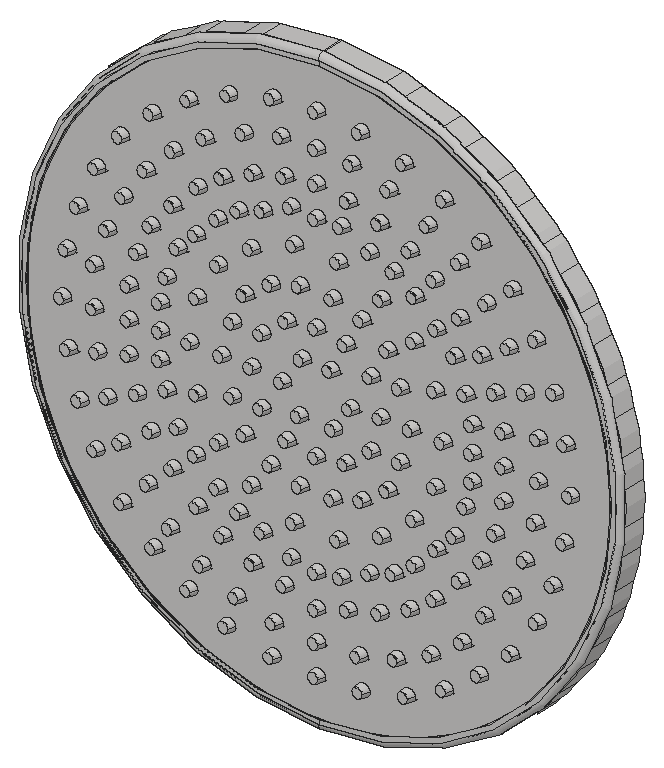
Revit family "52158-25-bim", category Plumbing Fixtures, host Face, Revit 2014
Parameters (values of type "Standard")
  Width = 11 27/32"  # constant formula
  Vent Connection = no
  URL = ""
  Manufacturer = ""
  Faucet Material = Metal - Delta - Stainless-Steel
  Model = "52158-25"  # constant formula
  Height = 11 51/64"  # constant formula
  Description = "Faucet"  # constant formula
  Depth = 2 13/32"  # constant formula
  Default Elevation = 0"
Reference planes (in)
  plane 1 "Center (Front/Back)": y = 0
  plane 2: z = 0
  plane 3 "Center (Left/Right)": x = 0
  plane 4: y = 1.20312
  plane 5: y = -1.20313
  plane 6: z = 11.79687
  plane 7: x = 10.125
  plane 8: x = -5.92187
  plane 9: x = 5.92188
Forms (in)
  Revolve 1, solid, material "Metal - Delta - Stainless-Steel" <- "Faucet Material"
    sketch origin (0, 0, 0) x (0, 1, 0) y (0, 0, 1)
      loop
        line (-0.45086, 11.78051) -> (-0.88294, 11.78051)
        arc (-0.88294, 11.78051) -> (-0.96716, 11.74563) -> (-1.00205, 11.66141) r 0.1191
        line (-1.00205, 11.66141) -> (-1.00205, 11.57038) -> (-0.94299, 11.57038) -> (-0.94299, 11.66546)
        arc (-0.94299, 11.66546) -> (-0.92671, 11.70477) -> (-0.88741, 11.72105) r 0.05558
        line (-0.88741, 11.72105) -> (-0.45086, 11.72105) -> (-0.45086, 11.78051)
      loop
        line (-0.42566, 6.62303) -> (-0.42566, 5.875) -> (0.57614, 5.875) -> (0.57614, 6.03268) -> (1.22709, 6.03268) -> (1.22709, 6.31603)
        arc (1.22709, 6.31603) -> (1.22026, 6.33253) -> (1.20376, 6.33936) r 0.02333
        line (1.20376, 6.33936) -> (0.57338, 6.33936)
        arc (0.57338, 6.33936) -> (0.53452, 6.32327) -> (0.51843, 6.28441) r 0.05495
        line (0.51843, 6.28441) -> (0.51843, 6.21611) -> (0.40877, 6.21611)
        arc (0.40877, 6.21611) -> (0.37524, 6.24811) -> (0.33732, 6.27476) r 0.31046
        line (0.33732, 6.27476) -> (0.33732, 6.59478)
        arc (0.33732, 6.59478) -> (0.32905, 6.61476) -> (0.30908, 6.62303) r 0.02825
        line (0.30908, 6.62303) -> (-0.42566, 6.62303)
      axis (-1.00205, 5.875) -> (1.22709, 5.875)
    angle from 0 to 360
  Extrusion 2, solid, material "Metal - Delta - Stainless-Steel" <- "Faucet Material"
    sketch origin (0, 0, 0) x (1, 0, 0) y (0, 0, 1)
      loop
        circle (0, 5.875) r 5.69538
    from 0.45086 to 1.00205
  Blend 3, solid, material "Metal - Delta - Stainless-Steel" <- "Faucet Material"
    base sketch origin (0, 0, 0) x (1, 0, 0) y (0, 0, 1)
      loop
        circle (-0.85469, 10.74571) r 0.14299
    top sketch origin (0, 0, 0) x (1, 0, 0) y (0, 0, 1)
      loop
        circle (-0.85469, 10.74571) r 0.09774
    from 0.91543 to 1.14378
  Blend 4, solid, material "Metal - Delta - Stainless-Steel" <- "Faucet Material"
    base sketch origin (0.85469, 0, 0.07478) x (1, 0, 0) y (0, 0, 1)
      loop
        circle (-0.85469, 10.74571) r 0.14299
    top sketch origin (0.85469, 0, 0.07478) x (1, 0, 0) y (0, 0, 1)
      loop
        circle (-0.85469, 10.74571) r 0.09774
    from 0.91543 to 1.14378
  Blend 5, solid, material "Metal - Delta - Stainless-Steel" <- "Faucet Material"
    base sketch origin (-0.85206, 0, -0.24096) x (1, 0, 0) y (0, 0, 1)
      loop
        circle (-0.85469, 10.74571) r 0.14299
    top sketch origin (-0.85206, 0, -0.24096) x (1, 0, 0) y (0, 0, 1)
      loop
        circle (-0.85469, 10.74571) r 0.09774
    from 0.91543 to 1.14378
  Blend 6, solid, material "Metal - Delta - Stainless-Steel" <- "Faucet Material"
    base sketch origin (-1.62977, 0, -0.60362) x (1, 0, 0) y (0, 0, 1)
      loop
        circle (-0.85469, 10.74571) r 0.14299
    top sketch origin (-1.62977, 0, -0.60362) x (1, 0, 0) y (0, 0, 1)
      loop
        circle (-0.85469, 10.74571) r 0.09774
    from 0.91543 to 1.14378
  Blend 7, solid, material "Metal - Delta - Stainless-Steel" <- "Faucet Material"
    base sketch origin (-2.34575, 0, -1.08655) x (1, 0, 0) y (0, 0, 1)
      loop
        circle (-0.85469, 10.74571) r 0.14299
    top sketch origin (-2.34575, 0, -1.08655) x (1, 0, 0) y (0, 0, 1)
      loop
        circle (-0.85469, 10.74571) r 0.09774
    from 0.91543 to 1.14378
  Blend 8, solid, material "Metal - Delta - Stainless-Steel" <- "Faucet Material"
    base sketch origin (-2.95972, 0, -1.70052) x (1, 0, 0) y (0, 0, 1)
      loop
        circle (-0.85469, 10.74571) r 0.14299
    top sketch origin (-2.95972, 0, -1.70052) x (1, 0, 0) y (0, 0, 1)
      loop
        circle (-0.85469, 10.74571) r 0.09774
    from 0.91543 to 1.14378
  Blend 9, solid, material "Metal - Delta - Stainless-Steel" <- "Faucet Material"
    base sketch origin (-3.42343, 0, -2.41457) x (1, 0, 0) y (0, 0, 1)
      loop
        circle (-0.85469, 10.74571) r 0.14299
    top sketch origin (-3.42343, 0, -2.41457) x (1, 0, 0) y (0, 0, 1)
      loop
        circle (-0.85469, 10.74571) r 0.09774
    from 0.91543 to 1.14378
  Blend 10, solid, material "Metal - Delta - Stainless-Steel" <- "Faucet Material"
    base sketch origin (-3.77958, 0, -3.2145) x (1, 0, 0) y (0, 0, 1)
      loop
        circle (-0.85469, 10.74571) r 0.14299
    top sketch origin (-3.77958, 0, -3.2145) x (1, 0, 0) y (0, 0, 1)
      loop
        circle (-0.85469, 10.74571) r 0.09774
    from 0.91543 to 1.14378
  Blend 11, solid, material "Metal - Delta - Stainless-Steel" <- "Faucet Material"
    base sketch origin (-3.99912, 0, -4.03383) x (1, 0, 0) y (0, 0, 1)
      loop
        circle (-0.85469, 10.74571) r 0.14299
    top sketch origin (-3.99912, 0, -4.03383) x (1, 0, 0) y (0, 0, 1)
      loop
        circle (-0.85469, 10.74571) r 0.09774
    from 0.91543 to 1.14378
  Blend 12, solid, material "Metal - Delta - Stainless-Steel" <- "Faucet Material"
    base sketch origin (-4.09023, 0, -4.90065) x (1, 0, 0) y (0, 0, 1)
      loop
        circle (-0.85469, 10.74571) r 0.14299
    top sketch origin (-4.09023, 0, -4.90065) x (1, 0, 0) y (0, 0, 1)
      loop
        circle (-0.85469, 10.74571) r 0.09774
    from 0.91543 to 1.14378
  Blend 13, solid, material "Metal - Delta - Stainless-Steel" <- "Faucet Material"
    base sketch origin (-3.96941, 0, -5.76031) x (1, 0, 0) y (0, 0, 1)
      loop
        circle (-0.85469, 10.74571) r 0.14299
    top sketch origin (-3.96941, 0, -5.76031) x (1, 0, 0) y (0, 0, 1)
      loop
        circle (-0.85469, 10.74571) r 0.09774
    from 0.91543 to 1.14378
  Blend 14, solid, material "Metal - Delta - Stainless-Steel" <- "Faucet Material"
    base sketch origin (-3.74884, 0, -6.58349) x (1, 0, 0) y (0, 0, 1)
      loop
        circle (-0.85469, 10.74571) r 0.14299
    top sketch origin (-3.74884, 0, -6.58349) x (1, 0, 0) y (0, 0, 1)
      loop
        circle (-0.85469, 10.74571) r 0.09774
    from 0.91543 to 1.14378
  Blend 15, solid, material "Metal - Delta - Stainless-Steel" <- "Faucet Material"
    base sketch origin (-3.43807, 0, -7.33568) x (1, 0, 0) y (0, 0, 1)
      loop
        circle (-0.85469, 10.74571) r 0.14299
    top sketch origin (-3.43807, 0, -7.33568) x (1, 0, 0) y (0, 0, 1)
      loop
        circle (-0.85469, 10.74571) r 0.09774
    from 0.91543 to 1.14378
  Blend 16, solid, material "Metal - Delta - Stainless-Steel" <- "Faucet Material"
    base sketch origin (-2.91414, 0, -8.07505) x (1, 0, 0) y (0, 0, 1)
      loop
        circle (-0.85469, 10.74571) r 0.14299
    top sketch origin (-2.91414, 0, -8.07505) x (1, 0, 0) y (0, 0, 1)
      loop
        circle (-0.85469, 10.74571) r 0.09774
    from 0.91543 to 1.14378
  Blend 17, solid, material "Metal - Delta - Stainless-Steel" <- "Faucet Material"
    base sketch origin (-2.31124, 0, -8.64722) x (1, 0, 0) y (0, 0, 1)
      loop
        circle (-0.85469, 10.74571) r 0.14299
    top sketch origin (-2.31124, 0, -8.64722) x (1, 0, 0) y (0, 0, 1)
      loop
        circle (-0.85469, 10.74571) r 0.09774
    from 0.91543 to 1.14378
  Blend 18, solid, material "Metal - Delta - Stainless-Steel" <- "Faucet Material"
    base sketch origin (-1.62941, 0, -9.14156) x (1, 0, 0) y (0, 0, 1)
      loop
        circle (-0.85469, 10.74571) r 0.14299
    top sketch origin (-1.62941, 0, -9.14156) x (1, 0, 0) y (0, 0, 1)
      loop
        circle (-0.85469, 10.74571) r 0.09774
    from 0.91543 to 1.14378
  Blend 19, solid, material "Metal - Delta - Stainless-Steel" <- "Faucet Material"
    base sketch origin (-0.89226, 0, -9.51786) x (1, 0, 0) y (0, 0, 1)
      loop
        circle (-0.85469, 10.74571) r 0.14299
    top sketch origin (-0.89226, 0, -9.51786) x (1, 0, 0) y (0, 0, 1)
      loop
        circle (-0.85469, 10.74571) r 0.09774
    from 0.91543 to 1.14378
  Blend 20, solid, material "Metal - Delta - Stainless-Steel" <- "Faucet Material"
    base sketch origin (-0.0119, 0, -9.74166) x (1, 0, 0) y (0, 0, 1)
      loop
        circle (-0.85469, 10.74571) r 0.14299
    top sketch origin (-0.0119, 0, -9.74166) x (1, 0, 0) y (0, 0, 1)
      loop
        circle (-0.85469, 10.74571) r 0.09774
    from 0.91543 to 1.14378
  Blend 21, solid, material "Metal - Delta - Stainless-Steel" <- "Faucet Material"
    base sketch origin (0.85469, 0, -0.58274) x (1, 0, 0) y (0, 0, 1)
      loop
        circle (-0.85469, 10.74571) r 0.14299
    top sketch origin (0.85469, 0, -0.58274) x (1, 0, 0) y (0, 0, 1)
      loop
        circle (-0.85469, 10.74571) r 0.09774
    from 0.91543 to 1.14378
  Blend 22, solid, material "Metal - Delta - Stainless-Steel" <- "Faucet Material"
    base sketch origin (0.85469, 0, -1.19871) x (1, 0, 0) y (0, 0, 1)
      loop
        circle (-0.85469, 10.74571) r 0.14299
    top sketch origin (0.85469, 0, -1.19871) x (1, 0, 0) y (0, 0, 1)
      loop
        circle (-0.85469, 10.74571) r 0.09774
    from 0.91543 to 1.14378
  Blend 23, solid, material "Metal - Delta - Stainless-Steel" <- "Faucet Material"
    base sketch origin (0.85469, 0, -1.80035) x (1, 0, 0) y (0, 0, 1)
      loop
        circle (-0.85469, 10.74571) r 0.14299
    top sketch origin (0.85469, 0, -1.80035) x (1, 0, 0) y (0, 0, 1)
      loop
        circle (-0.85469, 10.74571) r 0.09774
    from 0.91543 to 1.14378
  Blend 24, solid, material "Metal - Delta - Stainless-Steel" <- "Faucet Material"
    base sketch origin (0.16859, 0, -0.61199) x (1, 0, 0) y (0, 0, 1)
      loop
        circle (-0.85469, 10.74571) r 0.14299
    top sketch origin (0.16859, 0, -0.61199) x (1, 0, 0) y (0, 0, 1)
      loop
        circle (-0.85469, 10.74571) r 0.09774
    from 0.91543 to 1.14378
  Blend 25, solid, material "Metal - Delta - Stainless-Steel" <- "Faucet Material"
    base sketch origin (-0.55585, 0, -0.8061) x (1, 0, 0) y (0, 0, 1)
      loop
        circle (-0.85469, 10.74571) r 0.14299
    top sketch origin (-0.55585, 0, -0.8061) x (1, 0, 0) y (0, 0, 1)
      loop
        circle (-0.85469, 10.74571) r 0.09774
    from 0.91543 to 1.14378
  Blend 26, solid, material "Metal - Delta - Stainless-Steel" <- "Faucet Material"
    base sketch origin (-1.31674, 0, -1.16091) x (1, 0, 0) y (0, 0, 1)
      loop
        circle (-0.85469, 10.74571) r 0.14299
    top sketch origin (-1.31674, 0, -1.16091) x (1, 0, 0) y (0, 0, 1)
      loop
        circle (-0.85469, 10.74571) r 0.09774
    from 0.91543 to 1.14378
  Blend 27, solid, material "Metal - Delta - Stainless-Steel" <- "Faucet Material"
    base sketch origin (-1.93111, 0, -1.59109) x (1, 0, 0) y (0, 0, 1)
      loop
        circle (-0.85469, 10.74571) r 0.14299
    top sketch origin (-1.93111, 0, -1.59109) x (1, 0, 0) y (0, 0, 1)
      loop
        circle (-0.85469, 10.74571) r 0.09774
    from 0.91543 to 1.14378
  Blend 28, solid, material "Metal - Delta - Stainless-Steel" <- "Faucet Material"
    base sketch origin (-2.46144, 0, -2.12142) x (1, 0, 0) y (0, 0, 1)
      loop
        circle (-0.85469, 10.74571) r 0.14299
    top sketch origin (-2.46144, 0, -2.12142) x (1, 0, 0) y (0, 0, 1)
      loop
        circle (-0.85469, 10.74571) r 0.09774
    from 0.91543 to 1.14378
  Blend 29, solid, material "Metal - Delta - Stainless-Steel" <- "Faucet Material"
    base sketch origin (-2.89162, 0, -2.73579) x (1, 0, 0) y (0, 0, 1)
      loop
        circle (-0.85469, 10.74571) r 0.14299
    top sketch origin (-2.89162, 0, -2.73579) x (1, 0, 0) y (0, 0, 1)
      loop
        circle (-0.85469, 10.74571) r 0.09774
    from 0.91543 to 1.14378
  Blend 30, solid, material "Metal - Delta - Stainless-Steel" <- "Faucet Material"
    base sketch origin (-3.20858, 0, -3.41552) x (1, 0, 0) y (0, 0, 1)
      loop
        circle (-0.85469, 10.74571) r 0.14299
    top sketch origin (-3.20858, 0, -3.41552) x (1, 0, 0) y (0, 0, 1)
      loop
        circle (-0.85469, 10.74571) r 0.09774
    from 0.91543 to 1.14378
  Blend 31, solid, material "Metal - Delta - Stainless-Steel" <- "Faucet Material"
    base sketch origin (-3.4651, 0, -4.12029) x (1, 0, 0) y (0, 0, 1)
      loop
        circle (-0.85469, 10.74571) r 0.14299
    top sketch origin (-3.4651, 0, -4.12029) x (1, 0, 0) y (0, 0, 1)
      loop
        circle (-0.85469, 10.74571) r 0.09774
    from 0.91543 to 1.14378
  Blend 32, solid, material "Metal - Delta - Stainless-Steel" <- "Faucet Material"
    base sketch origin (-3.4651, 0, -4.87029) x (1, 0, 0) y (0, 0, 1)
      loop
        circle (-0.85469, 10.74571) r 0.14299
    top sketch origin (-3.4651, 0, -4.87029) x (1, 0, 0) y (0, 0, 1)
      loop
        circle (-0.85469, 10.74571) r 0.09774
    from 0.91543 to 1.14378
  Blend 33, solid, material "Metal - Delta - Stainless-Steel" <- "Faucet Material"
    base sketch origin (-3.39973, 0, -5.61743) x (1, 0, 0) y (0, 0, 1)
      loop
        circle (-0.85469, 10.74571) r 0.14299
    top sketch origin (-3.39973, 0, -5.61743) x (1, 0, 0) y (0, 0, 1)
      loop
        circle (-0.85469, 10.74571) r 0.09774
    from 0.91543 to 1.14378
  Blend 34, solid, material "Metal - Delta - Stainless-Steel" <- "Faucet Material"
    base sketch origin (-3.20562, 0, -6.34188) x (1, 0, 0) y (0, 0, 1)
      loop
        circle (-0.85469, 10.74571) r 0.14299
    top sketch origin (-3.20562, 0, -6.34188) x (1, 0, 0) y (0, 0, 1)
      loop
        circle (-0.85469, 10.74571) r 0.09774
    from 0.91543 to 1.14378
  Blend 35, solid, material "Metal - Delta - Stainless-Steel" <- "Faucet Material"
    base sketch origin (-2.9491, 0, -7.04665) x (1, 0, 0) y (0, 0, 1)
      loop
        circle (-0.85469, 10.74571) r 0.14299
    top sketch origin (-2.9491, 0, -7.04665) x (1, 0, 0) y (0, 0, 1)
      loop
        circle (-0.85469, 10.74571) r 0.09774
    from 0.91543 to 1.14378
  Blend 36, solid, material "Metal - Delta - Stainless-Steel" <- "Faucet Material"
    base sketch origin (-2.41877, 0, -7.57698) x (1, 0, 0) y (0, 0, 1)
      loop
        circle (-0.85469, 10.74571) r 0.14299
    top sketch origin (-2.41877, 0, -7.57698) x (1, 0, 0) y (0, 0, 1)
      loop
        circle (-0.85469, 10.74571) r 0.09774
    from 0.91543 to 1.14378
  Blend 37, solid, material "Metal - Delta - Stainless-Steel" <- "Faucet Material"
    base sketch origin (-1.98859, 0, -8.19134) x (1, 0, 0) y (0, 0, 1)
      loop
        circle (-0.85469, 10.74571) r 0.14299
    top sketch origin (-1.98859, 0, -8.19134) x (1, 0, 0) y (0, 0, 1)
      loop
        circle (-0.85469, 10.74571) r 0.09774
    from 0.91543 to 1.14378
  Blend 38, solid, material "Metal - Delta - Stainless-Steel" <- "Faucet Material"
    base sketch origin (-1.37422, 0, -8.62152) x (1, 0, 0) y (0, 0, 1)
      loop
        circle (-0.85469, 10.74571) r 0.14299
    top sketch origin (-1.37422, 0, -8.62152) x (1, 0, 0) y (0, 0, 1)
      loop
        circle (-0.85469, 10.74571) r 0.09774
    from 0.91543 to 1.14378
  Blend 39, solid, material "Metal - Delta - Stainless-Steel" <- "Faucet Material"
    base sketch origin (-0.69449, 0, -8.93849) x (1, 0, 0) y (0, 0, 1)
      loop
        circle (-0.85469, 10.74571) r 0.14299
    top sketch origin (-0.69449, 0, -8.93849) x (1, 0, 0) y (0, 0, 1)
      loop
        circle (-0.85469, 10.74571) r 0.09774
    from 0.91543 to 1.14378
  Blend 40, solid, material "Metal - Delta - Stainless-Steel" <- "Faucet Material"
    base sketch origin (0.02995, 0, -9.1326) x (1, 0, 0) y (0, 0, 1)
      loop
        circle (-0.85469, 10.74571) r 0.14299
    top sketch origin (0.02995, 0, -9.1326) x (1, 0, 0) y (0, 0, 1)
      loop
        circle (-0.85469, 10.74571) r 0.09774
    from 0.91543 to 1.14378
  Blend 41, solid, material "Metal - Delta - Stainless-Steel" <- "Faucet Material"
    base sketch origin (0.23757, 0, -1.28434) x (1, 0, 0) y (0, 0, 1)
      loop
        circle (-0.85469, 10.74571) r 0.14299
    top sketch origin (0.23757, 0, -1.28434) x (1, 0, 0) y (0, 0, 1)
      loop
        circle (-0.85469, 10.74571) r 0.09774
    from 0.91543 to 1.14378
  Blend 42, solid, material "Metal - Delta - Stainless-Steel" <- "Faucet Material"
    base sketch origin (-0.3801, 0, -1.44984) x (1, 0, 0) y (0, 0, 1)
      loop
        circle (-0.85469, 10.74571) r 0.14299
    top sketch origin (-0.3801, 0, -1.44984) x (1, 0, 0) y (0, 0, 1)
      loop
        circle (-0.85469, 10.74571) r 0.09774
    from 0.91543 to 1.14378
  Blend 43, solid, material "Metal - Delta - Stainless-Steel" <- "Faucet Material"
    base sketch origin (-0.96558, 0, -1.72286) x (1, 0, 0) y (0, 0, 1)
      loop
        circle (-0.85469, 10.74571) r 0.14299
    top sketch origin (-0.96558, 0, -1.72286) x (1, 0, 0) y (0, 0, 1)
      loop
        circle (-0.85469, 10.74571) r 0.09774
    from 0.91543 to 1.14378
  Blend 44, solid, material "Metal - Delta - Stainless-Steel" <- "Faucet Material"
    base sketch origin (-1.45082, 0, -2.06262) x (1, 0, 0) y (0, 0, 1)
      loop
        circle (-0.85469, 10.74571) r 0.14299
    top sketch origin (-1.45082, 0, -2.06262) x (1, 0, 0) y (0, 0, 1)
      loop
        circle (-0.85469, 10.74571) r 0.09774
    from 0.91543 to 1.14378
  Blend 45, solid, material "Metal - Delta - Stainless-Steel" <- "Faucet Material"
    base sketch origin (-1.94112, 0, -2.55292) x (1, 0, 0) y (0, 0, 1)
      loop
        circle (-0.85469, 10.74571) r 0.14299
    top sketch origin (-1.94112, 0, -2.55292) x (1, 0, 0) y (0, 0, 1)
      loop
        circle (-0.85469, 10.74571) r 0.09774
    from 0.91543 to 1.14378
  Blend 46, solid, material "Metal - Delta - Stainless-Steel" <- "Faucet Material"
    base sketch origin (-2.36377, 0, -3.05662) x (1, 0, 0) y (0, 0, 1)
      loop
        circle (-0.85469, 10.74571) r 0.14299
    top sketch origin (-2.36377, 0, -3.05662) x (1, 0, 0) y (0, 0, 1)
      loop
        circle (-0.85469, 10.74571) r 0.09774
    from 0.91543 to 1.14378
  Blend 47, solid, material "Metal - Delta - Stainless-Steel" <- "Faucet Material"
    base sketch origin (-2.62563, 0, -3.61817) x (1, 0, 0) y (0, 0, 1)
      loop
        circle (-0.85469, 10.74571) r 0.14299
    top sketch origin (-2.62563, 0, -3.61817) x (1, 0, 0) y (0, 0, 1)
      loop
        circle (-0.85469, 10.74571) r 0.09774
    from 0.91543 to 1.14378
  Blend 48, solid, material "Metal - Delta - Stainless-Steel" <- "Faucet Material"
    base sketch origin (-2.79208, 0, -4.23938) x (1, 0, 0) y (0, 0, 1)
      loop
        circle (-0.85469, 10.74571) r 0.14299
    top sketch origin (-2.79208, 0, -4.23938) x (1, 0, 0) y (0, 0, 1)
      loop
        circle (-0.85469, 10.74571) r 0.09774
    from 0.91543 to 1.14378
  Blend 49, solid, material "Metal - Delta - Stainless-Steel" <- "Faucet Material"
    base sketch origin (-2.79208, 0, -4.84676) x (1, 0, 0) y (0, 0, 1)
      loop
        circle (-0.85469, 10.74571) r 0.14299
    top sketch origin (-2.79208, 0, -4.84676) x (1, 0, 0) y (0, 0, 1)
      loop
        circle (-0.85469, 10.74571) r 0.09774
    from 0.91543 to 1.14378
  Blend 50, solid, material "Metal - Delta - Stainless-Steel" <- "Faucet Material"
    base sketch origin (0.23757, 0, 13.08223) x (1, 0, 0) y (0, 0, 1)
      loop
        circle (-0.85469, -10.74571) r 0.14299
    top sketch origin (0.23757, 0, 13.08223) x (1, 0, 0) y (0, 0, 1)
      loop
        circle (-0.85469, -10.74571) r 0.09774
    from 0.91543 to 1.14378
  Blend 51, solid, material "Metal - Delta - Stainless-Steel" <- "Faucet Material"
    base sketch origin (-0.3801, 0, 13.24774) x (1, 0, 0) y (0, 0, 1)
      loop
        circle (-0.85469, -10.74571) r 0.14299
    top sketch origin (-0.3801, 0, 13.24774) x (1, 0, 0) y (0, 0, 1)
      loop
        circle (-0.85469, -10.74571) r 0.09774
    from 0.91543 to 1.14378
  Blend 52, solid, material "Metal - Delta - Stainless-Steel" <- "Faucet Material"
    base sketch origin (-0.96558, 0, 13.52075) x (1, 0, 0) y (0, 0, 1)
      loop
        circle (-0.85469, -10.74571) r 0.14299
    top sketch origin (-0.96558, 0, 13.52075) x (1, 0, 0) y (0, 0, 1)
      loop
        circle (-0.85469, -10.74571) r 0.09774
    from 0.91543 to 1.14378
  Blend 53, solid, material "Metal - Delta - Stainless-Steel" <- "Faucet Material"
    base sketch origin (-1.45082, 0, 13.86052) x (1, 0, 0) y (0, 0, 1)
      loop
        circle (-0.85469, -10.74571) r 0.14299
    top sketch origin (-1.45082, 0, 13.86052) x (1, 0, 0) y (0, 0, 1)
      loop
        circle (-0.85469, -10.74571) r 0.09774
    from 0.91543 to 1.14378
  Blend 54, solid, material "Metal - Delta - Stainless-Steel" <- "Faucet Material"
    base sketch origin (-1.94112, 0, 14.35082) x (1, 0, 0) y (0, 0, 1)
      loop
        circle (-0.85469, -10.74571) r 0.14299
    top sketch origin (-1.94112, 0, 14.35082) x (1, 0, 0) y (0, 0, 1)
      loop
        circle (-0.85469, -10.74571) r 0.09774
    from 0.91543 to 1.14378
  Blend 55, solid, material "Metal - Delta - Stainless-Steel" <- "Faucet Material"
    base sketch origin (-2.36377, 0, 14.85452) x (1, 0, 0) y (0, 0, 1)
      loop
        circle (-0.85469, -10.74571) r 0.14299
    top sketch origin (-2.36377, 0, 14.85452) x (1, 0, 0) y (0, 0, 1)
      loop
        circle (-0.85469, -10.74571) r 0.09774
    from 0.91543 to 1.14378
  Blend 56, solid, material "Metal - Delta - Stainless-Steel" <- "Faucet Material"
    base sketch origin (-2.62563, 0, 15.41607) x (1, 0, 0) y (0, 0, 1)
      loop
        circle (-0.85469, -10.74571) r 0.14299
    top sketch origin (-2.62563, 0, 15.41607) x (1, 0, 0) y (0, 0, 1)
      loop
        circle (-0.85469, -10.74571) r 0.09774
    from 0.91543 to 1.14378
  Blend 57, solid, material "Metal - Delta - Stainless-Steel" <- "Faucet Material"
    base sketch origin (-2.79208, 0, 16.03727) x (1, 0, 0) y (0, 0, 1)
      loop
        circle (-0.85469, -10.74571) r 0.14299
    top sketch origin (-2.79208, 0, 16.03727) x (1, 0, 0) y (0, 0, 1)
      loop
        circle (-0.85469, -10.74571) r 0.09774
    from 0.91543 to 1.14378
  Blend 58, solid, material "Metal - Delta - Stainless-Steel" <- "Faucet Material"
    base sketch origin (0.36698, 0, -1.7673) x (1, 0, 0) y (0, 0, 1)
      loop
        circle (-0.85469, 10.74571) r 0.14299
    top sketch origin (0.36698, 0, -1.7673) x (1, 0, 0) y (0, 0, 1)
      loop
        circle (-0.85469, 10.74571) r 0.09774
    from 0.91543 to 1.14378
  Blend 59, solid, material "Metal - Delta - Stainless-Steel" <- "Faucet Material"
    base sketch origin (-0.18414, 0, -2.02429) x (1, 0, 0) y (0, 0, 1)
      loop
        circle (-0.85469, 10.74571) r 0.14299
    top sketch origin (-0.18414, 0, -2.02429) x (1, 0, 0) y (0, 0, 1)
      loop
        circle (-0.85469, 10.74571) r 0.09774
    from 0.91543 to 1.14378
  Blend 60, solid, material "Metal - Delta - Stainless-Steel" <- "Faucet Material"
    base sketch origin (-0.65399, 0, -2.1953) x (1, 0, 0) y (0, 0, 1)
      loop
        circle (-0.85469, 10.74571) r 0.14299
    top sketch origin (-0.65399, 0, -2.1953) x (1, 0, 0) y (0, 0, 1)
      loop
        circle (-0.85469, 10.74571) r 0.09774
    from 0.91543 to 1.14378
  Blend 61, solid, material "Metal - Delta - Stainless-Steel" <- "Faucet Material"
    base sketch origin (-1.06356, 0, -2.48209) x (1, 0, 0) y (0, 0, 1)
      loop
        circle (-0.85469, 10.74571) r 0.14299
    top sketch origin (-1.06356, 0, -2.48209) x (1, 0, 0) y (0, 0, 1)
      loop
        circle (-0.85469, 10.74571) r 0.09774
    from 0.91543 to 1.14378
  Blend 62, solid, material "Metal - Delta - Stainless-Steel" <- "Faucet Material"
    base sketch origin (-1.48565, 0, -2.90418) x (1, 0, 0) y (0, 0, 1)
      loop
        circle (-0.85469, 10.74571) r 0.14299
    top sketch origin (-1.48565, 0, -2.90418) x (1, 0, 0) y (0, 0, 1)
      loop
        circle (-0.85469, 10.74571) r 0.09774
    from 0.91543 to 1.14378
  Blend 63, solid, material "Metal - Delta - Stainless-Steel" <- "Faucet Material"
    base sketch origin (-1.83921, 0, -3.25773) x (1, 0, 0) y (0, 0, 1)
      loop
        circle (-0.85469, 10.74571) r 0.14299
    top sketch origin (-1.83921, 0, -3.25773) x (1, 0, 0) y (0, 0, 1)
      loop
        circle (-0.85469, 10.74571) r 0.09774
    from 0.91543 to 1.14378
  Blend 64, solid, material "Metal - Delta - Stainless-Steel" <- "Faucet Material"
    base sketch origin (-2.05192, 0, -3.84217) x (1, 0, 0) y (0, 0, 1)
      loop
        circle (-0.85469, 10.74571) r 0.14299
    top sketch origin (-2.05192, 0, -3.84217) x (1, 0, 0) y (0, 0, 1)
      loop
        circle (-0.85469, 10.74571) r 0.09774
    from 0.91543 to 1.14378
  Blend 65, solid, material "Metal - Delta - Stainless-Steel" <- "Faucet Material"
    base sketch origin (-2.18133, 0, -4.32513) x (1, 0, 0) y (0, 0, 1)
      loop
        circle (-0.85469, 10.74571) r 0.14299
    top sketch origin (-2.18133, 0, -4.32513) x (1, 0, 0) y (0, 0, 1)
      loop
        circle (-0.85469, 10.74571) r 0.09774
    from 0.91543 to 1.14378
  Blend 66, solid, material "Metal - Delta - Stainless-Steel" <- "Faucet Material"
    base sketch origin (-2.18133, 0, -4.82513) x (1, 0, 0) y (0, 0, 1)
      loop
        circle (-0.85469, 10.74571) r 0.14299
    top sketch origin (-2.18133, 0, -4.82513) x (1, 0, 0) y (0, 0, 1)
      loop
        circle (-0.85469, 10.74571) r 0.09774
    from 0.91543 to 1.14378
  Blend 67, solid, material "Metal - Delta - Stainless-Steel" <- "Faucet Material"
    base sketch origin (0.36698, 0, 13.60846) x (1, 0, 0) y (0, 0, 1)
      loop
        circle (-0.85469, -10.74571) r 0.14299
    top sketch origin (0.36698, 0, 13.60846) x (1, 0, 0) y (0, 0, 1)
      loop
        circle (-0.85469, -10.74571) r 0.09774
    from 0.91543 to 1.14378
  Blend 68, solid, material "Metal - Delta - Stainless-Steel" <- "Faucet Material"
    base sketch origin (-0.18414, 0, 13.86545) x (1, 0, 0) y (0, 0, 1)
      loop
        circle (-0.85469, -10.74571) r 0.14299
    top sketch origin (-0.18414, 0, 13.86545) x (1, 0, 0) y (0, 0, 1)
      loop
        circle (-0.85469, -10.74571) r 0.09774
    from 0.91543 to 1.14378
  Blend 69, solid, material "Metal - Delta - Stainless-Steel" <- "Faucet Material"
    base sketch origin (-0.65399, 0, 14.03646) x (1, 0, 0) y (0, 0, 1)
      loop
        circle (-0.85469, -10.74571) r 0.14299
    top sketch origin (-0.65399, 0, 14.03646) x (1, 0, 0) y (0, 0, 1)
      loop
        circle (-0.85469, -10.74571) r 0.09774
    from 0.91543 to 1.14378
  Blend 70, solid, material "Metal - Delta - Stainless-Steel" <- "Faucet Material"
    base sketch origin (-1.06356, 0, 14.32325) x (1, 0, 0) y (0, 0, 1)
      loop
        circle (-0.85469, -10.74571) r 0.14299
    top sketch origin (-1.06356, 0, 14.32325) x (1, 0, 0) y (0, 0, 1)
      loop
        circle (-0.85469, -10.74571) r 0.09774
    from 0.91543 to 1.14378
  Blend 71, solid, material "Metal - Delta - Stainless-Steel" <- "Faucet Material"
    base sketch origin (-1.48565, 0, 14.74534) x (1, 0, 0) y (0, 0, 1)
      loop
        circle (-0.85469, -10.74571) r 0.14299
    top sketch origin (-1.48565, 0, 14.74534) x (1, 0, 0) y (0, 0, 1)
      loop
        circle (-0.85469, -10.74571) r 0.09774
    from 0.91543 to 1.14378
  Blend 72, solid, material "Metal - Delta - Stainless-Steel" <- "Faucet Material"
    base sketch origin (-1.83921, 0, 15.09889) x (1, 0, 0) y (0, 0, 1)
      loop
        circle (-0.85469, -10.74571) r 0.14299
    top sketch origin (-1.83921, 0, 15.09889) x (1, 0, 0) y (0, 0, 1)
      loop
        circle (-0.85469, -10.74571) r 0.09774
    from 0.91543 to 1.14378
  Blend 73, solid, material "Metal - Delta - Stainless-Steel" <- "Faucet Material"
    base sketch origin (-2.05192, 0, 15.68332) x (1, 0, 0) y (0, 0, 1)
      loop
        circle (-0.85469, -10.74571) r 0.14299
    top sketch origin (-2.05192, 0, 15.68332) x (1, 0, 0) y (0, 0, 1)
      loop
        circle (-0.85469, -10.74571) r 0.09774
    from 0.91543 to 1.14378
  Blend 74, solid, material "Metal - Delta - Stainless-Steel" <- "Faucet Material"
    base sketch origin (-2.18133, 0, 16.16629) x (1, 0, 0) y (0, 0, 1)
      loop
        circle (-0.85469, -10.74571) r 0.14299
    top sketch origin (-2.18133, 0, 16.16629) x (1, 0, 0) y (0, 0, 1)
      loop
        circle (-0.85469, -10.74571) r 0.09774
    from 0.91543 to 1.14378
  Blend 75, solid, material "Metal - Delta - Stainless-Steel" <- "Faucet Material"
    base sketch origin (0, 0, 0) x (-1, 0, 0) y (0, 0, -1)
      loop
        circle (-0.85469, -10.74571) r 0.14299
    top sketch origin (0, 0, 0) x (-1, 0, 0) y (0, 0, -1)
      loop
        circle (-0.85469, -10.74571) r 0.09774
    from 0.91543 to 1.14378
  Blend 76, solid, material "Metal - Delta - Stainless-Steel" <- "Faucet Material"
    base sketch origin (0.85206, 0, -0.24096) x (-1, 0, 0) y (0, 0, -1)
      loop
        circle (-0.85469, -10.74571) r 0.14299
    top sketch origin (0.85206, 0, -0.24096) x (-1, 0, 0) y (0, 0, -1)
      loop
        circle (-0.85469, -10.74571) r 0.09774
    from 0.91543 to 1.14378
  Blend 77, solid, material "Metal - Delta - Stainless-Steel" <- "Faucet Material"
    base sketch origin (1.62977, 0, -0.60362) x (-1, 0, 0) y (0, 0, -1)
      loop
        circle (-0.85469, -10.74571) r 0.14299
    top sketch origin (1.62977, 0, -0.60362) x (-1, 0, 0) y (0, 0, -1)
      loop
        circle (-0.85469, -10.74571) r 0.09774
    from 0.91543 to 1.14378
  Blend 78, solid, material "Metal - Delta - Stainless-Steel" <- "Faucet Material"
    base sketch origin (2.34575, 0, -1.08655) x (-1, 0, 0) y (0, 0, -1)
      loop
        circle (-0.85469, -10.74571) r 0.14299
    top sketch origin (2.34575, 0, -1.08655) x (-1, 0, 0) y (0, 0, -1)
      loop
        circle (-0.85469, -10.74571) r 0.09774
    from 0.91543 to 1.14378
  Blend 79, solid, material "Metal - Delta - Stainless-Steel" <- "Faucet Material"
    base sketch origin (2.95972, 0, -1.70052) x (-1, 0, 0) y (0, 0, -1)
      loop
        circle (-0.85469, -10.74571) r 0.14299
    top sketch origin (2.95972, 0, -1.70052) x (-1, 0, 0) y (0, 0, -1)
      loop
        circle (-0.85469, -10.74571) r 0.09774
    from 0.91543 to 1.14378
  Blend 80, solid, material "Metal - Delta - Stainless-Steel" <- "Faucet Material"
    base sketch origin (3.42343, 0, -2.41457) x (-1, 0, 0) y (0, 0, -1)
      loop
        circle (-0.85469, -10.74571) r 0.14299
    top sketch origin (3.42343, 0, -2.41457) x (-1, 0, 0) y (0, 0, -1)
      loop
        circle (-0.85469, -10.74571) r 0.09774
    from 0.91543 to 1.14378
  Blend 81, solid, material "Metal - Delta - Stainless-Steel" <- "Faucet Material"
    base sketch origin (3.77958, 0, -3.2145) x (-1, 0, 0) y (0, 0, -1)
      loop
        circle (-0.85469, -10.74571) r 0.14299
    top sketch origin (3.77958, 0, -3.2145) x (-1, 0, 0) y (0, 0, -1)
      loop
        circle (-0.85469, -10.74571) r 0.09774
    from 0.91543 to 1.14378
  Blend 82, solid, material "Metal - Delta - Stainless-Steel" <- "Faucet Material"
    base sketch origin (3.99912, 0, -4.03383) x (-1, 0, 0) y (0, 0, -1)
      loop
        circle (-0.85469, -10.74571) r 0.14299
    top sketch origin (3.99912, 0, -4.03383) x (-1, 0, 0) y (0, 0, -1)
      loop
        circle (-0.85469, -10.74571) r 0.09774
    from 0.91543 to 1.14378
  Blend 83, solid, material "Metal - Delta - Stainless-Steel" <- "Faucet Material"
    base sketch origin (4.09023, 0, -4.90065) x (-1, 0, 0) y (0, 0, -1)
      loop
        circle (-0.85469, -10.74571) r 0.14299
    top sketch origin (4.09023, 0, -4.90065) x (-1, 0, 0) y (0, 0, -1)
      loop
        circle (-0.85469, -10.74571) r 0.09774
    from 0.91543 to 1.14378
  Blend 84, solid, material "Metal - Delta - Stainless-Steel" <- "Faucet Material"
    base sketch origin (3.96941, 0, -5.76031) x (-1, 0, 0) y (0, 0, -1)
      loop
        circle (-0.85469, -10.74571) r 0.14299
    top sketch origin (3.96941, 0, -5.76031) x (-1, 0, 0) y (0, 0, -1)
      loop
        circle (-0.85469, -10.74571) r 0.09774
    from 0.91543 to 1.14378
  Blend 85, solid, material "Metal - Delta - Stainless-Steel" <- "Faucet Material"
    base sketch origin (3.74884, 0, -6.58349) x (-1, 0, 0) y (0, 0, -1)
      loop
        circle (-0.85469, -10.74571) r 0.14299
    top sketch origin (3.74884, 0, -6.58349) x (-1, 0, 0) y (0, 0, -1)
      loop
        circle (-0.85469, -10.74571) r 0.09774
    from 0.91543 to 1.14378
  Blend 86, solid, material "Metal - Delta - Stainless-Steel" <- "Faucet Material"
    base sketch origin (3.43807, 0, -7.33568) x (-1, 0, 0) y (0, 0, -1)
      loop
        circle (-0.85469, -10.74571) r 0.14299
    top sketch origin (3.43807, 0, -7.33568) x (-1, 0, 0) y (0, 0, -1)
      loop
        circle (-0.85469, -10.74571) r 0.09774
    from 0.91543 to 1.14378
  Blend 87, solid, material "Metal - Delta - Stainless-Steel" <- "Faucet Material"
    base sketch origin (2.91414, 0, -8.07505) x (-1, 0, 0) y (0, 0, -1)
      loop
        circle (-0.85469, -10.74571) r 0.14299
    top sketch origin (2.91414, 0, -8.07505) x (-1, 0, 0) y (0, 0, -1)
      loop
        circle (-0.85469, -10.74571) r 0.09774
    from 0.91543 to 1.14378
  Blend 88, solid, material "Metal - Delta - Stainless-Steel" <- "Faucet Material"
    base sketch origin (2.31124, 0, -8.64722) x (-1, 0, 0) y (0, 0, -1)
      loop
        circle (-0.85469, -10.74571) r 0.14299
    top sketch origin (2.31124, 0, -8.64722) x (-1, 0, 0) y (0, 0, -1)
      loop
        circle (-0.85469, -10.74571) r 0.09774
    from 0.91543 to 1.14378
  Blend 89, solid, material "Metal - Delta - Stainless-Steel" <- "Faucet Material"
    base sketch origin (1.62941, 0, -9.14156) x (-1, 0, 0) y (0, 0, -1)
      loop
        circle (-0.85469, -10.74571) r 0.14299
    top sketch origin (1.62941, 0, -9.14156) x (-1, 0, 0) y (0, 0, -1)
      loop
        circle (-0.85469, -10.74571) r 0.09774
    from 0.91543 to 1.14378
  Blend 90, solid, material "Metal - Delta - Stainless-Steel" <- "Faucet Material"
    base sketch origin (0.89226, 0, -9.51786) x (-1, 0, 0) y (0, 0, -1)
      loop
        circle (-0.85469, -10.74571) r 0.14299
    top sketch origin (0.89226, 0, -9.51786) x (-1, 0, 0) y (0, 0, -1)
      loop
        circle (-0.85469, -10.74571) r 0.09774
    from 0.91543 to 1.14378
  Blend 91, solid, material "Metal - Delta - Stainless-Steel" <- "Faucet Material"
    base sketch origin (0.0119, 0, -9.74166) x (-1, 0, 0) y (0, 0, -1)
      loop
        circle (-0.85469, -10.74571) r 0.14299
    top sketch origin (0.0119, 0, -9.74166) x (-1, 0, 0) y (0, 0, -1)
      loop
        circle (-0.85469, -10.74571) r 0.09774
    from 0.91543 to 1.14378
  Blend 92, solid, material "Metal - Delta - Stainless-Steel" <- "Faucet Material"
    base sketch origin (-0.16859, 0, -0.61199) x (-1, 0, 0) y (0, 0, -1)
      loop
        circle (-0.85469, -10.74571) r 0.14299
    top sketch origin (-0.16859, 0, -0.61199) x (-1, 0, 0) y (0, 0, -1)
      loop
        circle (-0.85469, -10.74571) r 0.09774
    from 0.91543 to 1.14378
  Blend 93, solid, material "Metal - Delta - Stainless-Steel" <- "Faucet Material"
    base sketch origin (0.55585, 0, -0.8061) x (-1, 0, 0) y (0, 0, -1)
      loop
        circle (-0.85469, -10.74571) r 0.14299
    top sketch origin (0.55585, 0, -0.8061) x (-1, 0, 0) y (0, 0, -1)
      loop
        circle (-0.85469, -10.74571) r 0.09774
    from 0.91543 to 1.14378
  Blend 94, solid, material "Metal - Delta - Stainless-Steel" <- "Faucet Material"
    base sketch origin (1.31674, 0, -1.16091) x (-1, 0, 0) y (0, 0, -1)
      loop
        circle (-0.85469, -10.74571) r 0.14299
    top sketch origin (1.31674, 0, -1.16091) x (-1, 0, 0) y (0, 0, -1)
      loop
        circle (-0.85469, -10.74571) r 0.09774
    from 0.91543 to 1.14378
  Blend 95, solid, material "Metal - Delta - Stainless-Steel" <- "Faucet Material"
    base sketch origin (1.93111, 0, -1.59109) x (-1, 0, 0) y (0, 0, -1)
      loop
        circle (-0.85469, -10.74571) r 0.14299
    top sketch origin (1.93111, 0, -1.59109) x (-1, 0, 0) y (0, 0, -1)
      loop
        circle (-0.85469, -10.74571) r 0.09774
    from 0.91543 to 1.14378
  Blend 96, solid, material "Metal - Delta - Stainless-Steel" <- "Faucet Material"
    base sketch origin (2.46144, 0, -2.12142) x (-1, 0, 0) y (0, 0, -1)
      loop
        circle (-0.85469, -10.74571) r 0.14299
    top sketch origin (2.46144, 0, -2.12142) x (-1, 0, 0) y (0, 0, -1)
      loop
        circle (-0.85469, -10.74571) r 0.09774
    from 0.91543 to 1.14378
  Blend 97, solid, material "Metal - Delta - Stainless-Steel" <- "Faucet Material"
    base sketch origin (2.89162, 0, -2.73579) x (-1, 0, 0) y (0, 0, -1)
      loop
        circle (-0.85469, -10.74571) r 0.14299
    top sketch origin (2.89162, 0, -2.73579) x (-1, 0, 0) y (0, 0, -1)
      loop
        circle (-0.85469, -10.74571) r 0.09774
    from 0.91543 to 1.14378
  Blend 98, solid, material "Metal - Delta - Stainless-Steel" <- "Faucet Material"
    base sketch origin (3.20858, 0, -3.41552) x (-1, 0, 0) y (0, 0, -1)
      loop
        circle (-0.85469, -10.74571) r 0.14299
    top sketch origin (3.20858, 0, -3.41552) x (-1, 0, 0) y (0, 0, -1)
      loop
        circle (-0.85469, -10.74571) r 0.09774
    from 0.91543 to 1.14378
  Blend 99, solid, material "Metal - Delta - Stainless-Steel" <- "Faucet Material"
    base sketch origin (3.4651, 0, -4.12029) x (-1, 0, 0) y (0, 0, -1)
      loop
        circle (-0.85469, -10.74571) r 0.14299
    top sketch origin (3.4651, 0, -4.12029) x (-1, 0, 0) y (0, 0, -1)
      loop
        circle (-0.85469, -10.74571) r 0.09774
    from 0.91543 to 1.14378
  Blend 100, solid, material "Metal - Delta - Stainless-Steel" <- "Faucet Material"
    base sketch origin (3.4651, 0, -4.87029) x (-1, 0, 0) y (0, 0, -1)
      loop
        circle (-0.85469, -10.74571) r 0.14299
    top sketch origin (3.4651, 0, -4.87029) x (-1, 0, 0) y (0, 0, -1)
      loop
        circle (-0.85469, -10.74571) r 0.09774
    from 0.91543 to 1.14378
  Blend 101, solid, material "Metal - Delta - Stainless-Steel" <- "Faucet Material"
    base sketch origin (3.39973, 0, -5.61743) x (-1, 0, 0) y (0, 0, -1)
      loop
        circle (-0.85469, -10.74571) r 0.14299
    top sketch origin (3.39973, 0, -5.61743) x (-1, 0, 0) y (0, 0, -1)
      loop
        circle (-0.85469, -10.74571) r 0.09774
    from 0.91543 to 1.14378
  Blend 102, solid, material "Metal - Delta - Stainless-Steel" <- "Faucet Material"
    base sketch origin (3.20562, 0, -6.34188) x (-1, 0, 0) y (0, 0, -1)
      loop
        circle (-0.85469, -10.74571) r 0.14299
    top sketch origin (3.20562, 0, -6.34188) x (-1, 0, 0) y (0, 0, -1)
      loop
        circle (-0.85469, -10.74571) r 0.09774
    from 0.91543 to 1.14378
  Blend 103, solid, material "Metal - Delta - Stainless-Steel" <- "Faucet Material"
    base sketch origin (2.9491, 0, -7.04665) x (-1, 0, 0) y (0, 0, -1)
      loop
        circle (-0.85469, -10.74571) r 0.14299
    top sketch origin (2.9491, 0, -7.04665) x (-1, 0, 0) y (0, 0, -1)
      loop
        circle (-0.85469, -10.74571) r 0.09774
    from 0.91543 to 1.14378
  Blend 104, solid, material "Metal - Delta - Stainless-Steel" <- "Faucet Material"
    base sketch origin (2.41877, 0, -7.57698) x (-1, 0, 0) y (0, 0, -1)
      loop
        circle (-0.85469, -10.74571) r 0.14299
    top sketch origin (2.41877, 0, -7.57698) x (-1, 0, 0) y (0, 0, -1)
      loop
        circle (-0.85469, -10.74571) r 0.09774
    from 0.91543 to 1.14378
  Blend 105, solid, material "Metal - Delta - Stainless-Steel" <- "Faucet Material"
    base sketch origin (1.98859, 0, -8.19134) x (-1, 0, 0) y (0, 0, -1)
      loop
        circle (-0.85469, -10.74571) r 0.14299
    top sketch origin (1.98859, 0, -8.19134) x (-1, 0, 0) y (0, 0, -1)
      loop
        circle (-0.85469, -10.74571) r 0.09774
    from 0.91543 to 1.14378
  Blend 106, solid, material "Metal - Delta - Stainless-Steel" <- "Faucet Material"
    base sketch origin (1.37422, 0, -8.62152) x (-1, 0, 0) y (0, 0, -1)
      loop
        circle (-0.85469, -10.74571) r 0.14299
    top sketch origin (1.37422, 0, -8.62152) x (-1, 0, 0) y (0, 0, -1)
      loop
        circle (-0.85469, -10.74571) r 0.09774
    from 0.91543 to 1.14378
  Blend 107, solid, material "Metal - Delta - Stainless-Steel" <- "Faucet Material"
    base sketch origin (0.69449, 0, -8.93849) x (-1, 0, 0) y (0, 0, -1)
      loop
        circle (-0.85469, -10.74571) r 0.14299
    top sketch origin (0.69449, 0, -8.93849) x (-1, 0, 0) y (0, 0, -1)
      loop
        circle (-0.85469, -10.74571) r 0.09774
    from 0.91543 to 1.14378
  Blend 108, solid, material "Metal - Delta - Stainless-Steel" <- "Faucet Material"
    base sketch origin (-0.02995, 0, -9.1326) x (-1, 0, 0) y (0, 0, -1)
      loop
        circle (-0.85469, -10.74571) r 0.14299
    top sketch origin (-0.02995, 0, -9.1326) x (-1, 0, 0) y (0, 0, -1)
      loop
        circle (-0.85469, -10.74571) r 0.09774
    from 0.91543 to 1.14378
  Blend 109, solid, material "Metal - Delta - Stainless-Steel" <- "Faucet Material"
    base sketch origin (-0.23757, 0, -1.28434) x (-1, 0, 0) y (0, 0, -1)
      loop
        circle (-0.85469, -10.74571) r 0.14299
    top sketch origin (-0.23757, 0, -1.28434) x (-1, 0, 0) y (0, 0, -1)
      loop
        circle (-0.85469, -10.74571) r 0.09774
    from 0.91543 to 1.14378
  Blend 110, solid, material "Metal - Delta - Stainless-Steel" <- "Faucet Material"
    base sketch origin (0.3801, 0, -1.44984) x (-1, 0, 0) y (0, 0, -1)
      loop
        circle (-0.85469, -10.74571) r 0.14299
    top sketch origin (0.3801, 0, -1.44984) x (-1, 0, 0) y (0, 0, -1)
      loop
        circle (-0.85469, -10.74571) r 0.09774
    from 0.91543 to 1.14378
  Blend 111, solid, material "Metal - Delta - Stainless-Steel" <- "Faucet Material"
    base sketch origin (0.96558, 0, -1.72286) x (-1, 0, 0) y (0, 0, -1)
      loop
        circle (-0.85469, -10.74571) r 0.14299
    top sketch origin (0.96558, 0, -1.72286) x (-1, 0, 0) y (0, 0, -1)
      loop
        circle (-0.85469, -10.74571) r 0.09774
    from 0.91543 to 1.14378
  Blend 112, solid, material "Metal - Delta - Stainless-Steel" <- "Faucet Material"
    base sketch origin (1.45082, 0, -2.06262) x (-1, 0, 0) y (0, 0, -1)
      loop
        circle (-0.85469, -10.74571) r 0.14299
    top sketch origin (1.45082, 0, -2.06262) x (-1, 0, 0) y (0, 0, -1)
      loop
        circle (-0.85469, -10.74571) r 0.09774
    from 0.91543 to 1.14378
  Blend 113, solid, material "Metal - Delta - Stainless-Steel" <- "Faucet Material"
    base sketch origin (1.94112, 0, -2.55292) x (-1, 0, 0) y (0, 0, -1)
      loop
        circle (-0.85469, -10.74571) r 0.14299
    top sketch origin (1.94112, 0, -2.55292) x (-1, 0, 0) y (0, 0, -1)
      loop
        circle (-0.85469, -10.74571) r 0.09774
    from 0.91543 to 1.14378
  Blend 114, solid, material "Metal - Delta - Stainless-Steel" <- "Faucet Material"
    base sketch origin (2.36377, 0, -3.05662) x (-1, 0, 0) y (0, 0, -1)
      loop
        circle (-0.85469, -10.74571) r 0.14299
    top sketch origin (2.36377, 0, -3.05662) x (-1, 0, 0) y (0, 0, -1)
      loop
        circle (-0.85469, -10.74571) r 0.09774
    from 0.91543 to 1.14378
  Blend 115, solid, material "Metal - Delta - Stainless-Steel" <- "Faucet Material"
    base sketch origin (2.62563, 0, -3.61817) x (-1, 0, 0) y (0, 0, -1)
      loop
        circle (-0.85469, -10.74571) r 0.14299
    top sketch origin (2.62563, 0, -3.61817) x (-1, 0, 0) y (0, 0, -1)
      loop
        circle (-0.85469, -10.74571) r 0.09774
    from 0.91543 to 1.14378
  Blend 116, solid, material "Metal - Delta - Stainless-Steel" <- "Faucet Material"
    base sketch origin (2.79208, 0, -4.23938) x (-1, 0, 0) y (0, 0, -1)
      loop
        circle (-0.85469, -10.74571) r 0.14299
    top sketch origin (2.79208, 0, -4.23938) x (-1, 0, 0) y (0, 0, -1)
      loop
        circle (-0.85469, -10.74571) r 0.09774
    from 0.91543 to 1.14378
  Blend 117, solid, material "Metal - Delta - Stainless-Steel" <- "Faucet Material"
    base sketch origin (2.79208, 0, -4.84676) x (-1, 0, 0) y (0, 0, -1)
      loop
        circle (-0.85469, -10.74571) r 0.14299
    top sketch origin (2.79208, 0, -4.84676) x (-1, 0, 0) y (0, 0, -1)
      loop
        circle (-0.85469, -10.74571) r 0.09774
    from 0.91543 to 1.14378
  Blend 118, solid, material "Metal - Delta - Stainless-Steel" <- "Faucet Material"
    base sketch origin (-0.23757, 0, 13.08223) x (-1, 0, 0) y (0, 0, -1)
      loop
        circle (-0.85469, 10.74571) r 0.14299
    top sketch origin (-0.23757, 0, 13.08223) x (-1, 0, 0) y (0, 0, -1)
      loop
        circle (-0.85469, 10.74571) r 0.09774
    from 0.91543 to 1.14378
  Blend 119, solid, material "Metal - Delta - Stainless-Steel" <- "Faucet Material"
    base sketch origin (0.3801, 0, 13.24774) x (-1, 0, 0) y (0, 0, -1)
      loop
        circle (-0.85469, 10.74571) r 0.14299
    top sketch origin (0.3801, 0, 13.24774) x (-1, 0, 0) y (0, 0, -1)
      loop
        circle (-0.85469, 10.74571) r 0.09774
    from 0.91543 to 1.14378
  Blend 120, solid, material "Metal - Delta - Stainless-Steel" <- "Faucet Material"
    base sketch origin (0.96558, 0, 13.52075) x (-1, 0, 0) y (0, 0, -1)
      loop
        circle (-0.85469, 10.74571) r 0.14299
    top sketch origin (0.96558, 0, 13.52075) x (-1, 0, 0) y (0, 0, -1)
      loop
        circle (-0.85469, 10.74571) r 0.09774
    from 0.91543 to 1.14378
  Blend 121, solid, material "Metal - Delta - Stainless-Steel" <- "Faucet Material"
    base sketch origin (1.45082, 0, 13.86052) x (-1, 0, 0) y (0, 0, -1)
      loop
        circle (-0.85469, 10.74571) r 0.14299
    top sketch origin (1.45082, 0, 13.86052) x (-1, 0, 0) y (0, 0, -1)
      loop
        circle (-0.85469, 10.74571) r 0.09774
    from 0.91543 to 1.14378
  Blend 122, solid, material "Metal - Delta - Stainless-Steel" <- "Faucet Material"
    base sketch origin (1.94112, 0, 14.35082) x (-1, 0, 0) y (0, 0, -1)
      loop
        circle (-0.85469, 10.74571) r 0.14299
    top sketch origin (1.94112, 0, 14.35082) x (-1, 0, 0) y (0, 0, -1)
      loop
        circle (-0.85469, 10.74571) r 0.09774
    from 0.91543 to 1.14378
  Blend 123, solid, material "Metal - Delta - Stainless-Steel" <- "Faucet Material"
    base sketch origin (2.36377, 0, 14.85452) x (-1, 0, 0) y (0, 0, -1)
      loop
        circle (-0.85469, 10.74571) r 0.14299
    top sketch origin (2.36377, 0, 14.85452) x (-1, 0, 0) y (0, 0, -1)
      loop
        circle (-0.85469, 10.74571) r 0.09774
    from 0.91543 to 1.14378
  Blend 124, solid, material "Metal - Delta - Stainless-Steel" <- "Faucet Material"
    base sketch origin (2.62563, 0, 15.41607) x (-1, 0, 0) y (0, 0, -1)
      loop
        circle (-0.85469, 10.74571) r 0.14299
    top sketch origin (2.62563, 0, 15.41607) x (-1, 0, 0) y (0, 0, -1)
      loop
        circle (-0.85469, 10.74571) r 0.09774
    from 0.91543 to 1.14378
  Blend 125, solid, material "Metal - Delta - Stainless-Steel" <- "Faucet Material"
    base sketch origin (2.79208, 0, 16.03727) x (-1, 0, 0) y (0, 0, -1)
      loop
        circle (-0.85469, 10.74571) r 0.14299
    top sketch origin (2.79208, 0, 16.03727) x (-1, 0, 0) y (0, 0, -1)
      loop
        circle (-0.85469, 10.74571) r 0.09774
    from 0.91543 to 1.14378
  Blend 126, solid, material "Metal - Delta - Stainless-Steel" <- "Faucet Material"
    base sketch origin (-0.36698, 0, -1.7673) x (-1, 0, 0) y (0, 0, -1)
      loop
        circle (-0.85469, -10.74571) r 0.14299
    top sketch origin (-0.36698, 0, -1.7673) x (-1, 0, 0) y (0, 0, -1)
      loop
        circle (-0.85469, -10.74571) r 0.09774
    from 0.91543 to 1.14378
  Blend 127, solid, material "Metal - Delta - Stainless-Steel" <- "Faucet Material"
    base sketch origin (0.18414, 0, -2.02429) x (-1, 0, 0) y (0, 0, -1)
      loop
        circle (-0.85469, -10.74571) r 0.14299
    top sketch origin (0.18414, 0, -2.02429) x (-1, 0, 0) y (0, 0, -1)
      loop
        circle (-0.85469, -10.74571) r 0.09774
    from 0.91543 to 1.14378
  Blend 128, solid, material "Metal - Delta - Stainless-Steel" <- "Faucet Material"
    base sketch origin (0.65399, 0, -2.1953) x (-1, 0, 0) y (0, 0, -1)
      loop
        circle (-0.85469, -10.74571) r 0.14299
    top sketch origin (0.65399, 0, -2.1953) x (-1, 0, 0) y (0, 0, -1)
      loop
        circle (-0.85469, -10.74571) r 0.09774
    from 0.91543 to 1.14378
  Blend 129, solid, material "Metal - Delta - Stainless-Steel" <- "Faucet Material"
    base sketch origin (1.06356, 0, -2.48209) x (-1, 0, 0) y (0, 0, -1)
      loop
        circle (-0.85469, -10.74571) r 0.14299
    top sketch origin (1.06356, 0, -2.48209) x (-1, 0, 0) y (0, 0, -1)
      loop
        circle (-0.85469, -10.74571) r 0.09774
    from 0.91543 to 1.14378
  Blend 130, solid, material "Metal - Delta - Stainless-Steel" <- "Faucet Material"
    base sketch origin (1.48565, 0, -2.90418) x (-1, 0, 0) y (0, 0, -1)
      loop
        circle (-0.85469, -10.74571) r 0.14299
    top sketch origin (1.48565, 0, -2.90418) x (-1, 0, 0) y (0, 0, -1)
      loop
        circle (-0.85469, -10.74571) r 0.09774
    from 0.91543 to 1.14378
  Blend 131, solid, material "Metal - Delta - Stainless-Steel" <- "Faucet Material"
    base sketch origin (1.83921, 0, -3.25773) x (-1, 0, 0) y (0, 0, -1)
      loop
        circle (-0.85469, -10.74571) r 0.14299
    top sketch origin (1.83921, 0, -3.25773) x (-1, 0, 0) y (0, 0, -1)
      loop
        circle (-0.85469, -10.74571) r 0.09774
    from 0.91543 to 1.14378
  Blend 132, solid, material "Metal - Delta - Stainless-Steel" <- "Faucet Material"
    base sketch origin (2.05192, 0, -3.84217) x (-1, 0, 0) y (0, 0, -1)
      loop
        circle (-0.85469, -10.74571) r 0.14299
    top sketch origin (2.05192, 0, -3.84217) x (-1, 0, 0) y (0, 0, -1)
      loop
        circle (-0.85469, -10.74571) r 0.09774
    from 0.91543 to 1.14378
  Blend 133, solid, material "Metal - Delta - Stainless-Steel" <- "Faucet Material"
    base sketch origin (2.18133, 0, -4.32513) x (-1, 0, 0) y (0, 0, -1)
      loop
        circle (-0.85469, -10.74571) r 0.14299
    top sketch origin (2.18133, 0, -4.32513) x (-1, 0, 0) y (0, 0, -1)
      loop
        circle (-0.85469, -10.74571) r 0.09774
    from 0.91543 to 1.14378
  Blend 134, solid, material "Metal - Delta - Stainless-Steel" <- "Faucet Material"
    base sketch origin (2.18133, 0, -4.82513) x (-1, 0, 0) y (0, 0, -1)
      loop
        circle (-0.85469, -10.74571) r 0.14299
    top sketch origin (2.18133, 0, -4.82513) x (-1, 0, 0) y (0, 0, -1)
      loop
        circle (-0.85469, -10.74571) r 0.09774
    from 0.91543 to 1.14378
  Blend 135, solid, material "Metal - Delta - Stainless-Steel" <- "Faucet Material"
    base sketch origin (-0.36698, 0, 13.60846) x (-1, 0, 0) y (0, 0, -1)
      loop
        circle (-0.85469, 10.74571) r 0.14299
    top sketch origin (-0.36698, 0, 13.60846) x (-1, 0, 0) y (0, 0, -1)
      loop
        circle (-0.85469, 10.74571) r 0.09774
    from 0.91543 to 1.14378
  Blend 136, solid, material "Metal - Delta - Stainless-Steel" <- "Faucet Material"
    base sketch origin (0.18414, 0, 13.86545) x (-1, 0, 0) y (0, 0, -1)
      loop
        circle (-0.85469, 10.74571) r 0.14299
    top sketch origin (0.18414, 0, 13.86545) x (-1, 0, 0) y (0, 0, -1)
      loop
        circle (-0.85469, 10.74571) r 0.09774
    from 0.91543 to 1.14378
  Blend 137, solid, material "Metal - Delta - Stainless-Steel" <- "Faucet Material"
    base sketch origin (0.65399, 0, 14.03646) x (-1, 0, 0) y (0, 0, -1)
      loop
        circle (-0.85469, 10.74571) r 0.14299
    top sketch origin (0.65399, 0, 14.03646) x (-1, 0, 0) y (0, 0, -1)
      loop
        circle (-0.85469, 10.74571) r 0.09774
    from 0.91543 to 1.14378
  Blend 138, solid, material "Metal - Delta - Stainless-Steel" <- "Faucet Material"
    base sketch origin (1.06356, 0, 14.32325) x (-1, 0, 0) y (0, 0, -1)
      loop
        circle (-0.85469, 10.74571) r 0.14299
    top sketch origin (1.06356, 0, 14.32325) x (-1, 0, 0) y (0, 0, -1)
      loop
        circle (-0.85469, 10.74571) r 0.09774
    from 0.91543 to 1.14378
  Blend 139, solid, material "Metal - Delta - Stainless-Steel" <- "Faucet Material"
    base sketch origin (1.48565, 0, 14.74534) x (-1, 0, 0) y (0, 0, -1)
      loop
        circle (-0.85469, 10.74571) r 0.14299
    top sketch origin (1.48565, 0, 14.74534) x (-1, 0, 0) y (0, 0, -1)
      loop
        circle (-0.85469, 10.74571) r 0.09774
    from 0.91543 to 1.14378
  Blend 140, solid, material "Metal - Delta - Stainless-Steel" <- "Faucet Material"
    base sketch origin (1.83921, 0, 15.09889) x (-1, 0, 0) y (0, 0, -1)
      loop
        circle (-0.85469, 10.74571) r 0.14299
    top sketch origin (1.83921, 0, 15.09889) x (-1, 0, 0) y (0, 0, -1)
      loop
        circle (-0.85469, 10.74571) r 0.09774
    from 0.91543 to 1.14378
  Blend 141, solid, material "Metal - Delta - Stainless-Steel" <- "Faucet Material"
    base sketch origin (2.05192, 0, 15.68332) x (-1, 0, 0) y (0, 0, -1)
      loop
        circle (-0.85469, 10.74571) r 0.14299
    top sketch origin (2.05192, 0, 15.68332) x (-1, 0, 0) y (0, 0, -1)
      loop
        circle (-0.85469, 10.74571) r 0.09774
    from 0.91543 to 1.14378
  Blend 142, solid, material "Metal - Delta - Stainless-Steel" <- "Faucet Material"
    base sketch origin (2.18133, 0, 16.16629) x (-1, 0, 0) y (0, 0, -1)
      loop
        circle (-0.85469, 10.74571) r 0.14299
    top sketch origin (2.18133, 0, 16.16629) x (-1, 0, 0) y (0, 0, -1)
      loop
        circle (-0.85469, 10.74571) r 0.09774
    from 0.91543 to 1.14378
  Blend 143, solid, material "Metal - Delta - Stainless-Steel" <- "Faucet Material"
    base sketch origin (0.85469, 0, 13.52246) x (1, 0, 0) y (0, 0, 1)
      loop
        circle (-0.85469, -10.74571) r 0.14299
    top sketch origin (0.85469, 0, 13.52246) x (1, 0, 0) y (0, 0, 1)
      loop
        circle (-0.85469, -10.74571) r 0.09774
    from 0.91543 to 1.14378
  Blend 144, solid, material "Metal - Delta - Stainless-Steel" <- "Faucet Material"
    base sketch origin (0.85469, 0, 12.88613) x (1, 0, 0) y (0, 0, 1)
      loop
        circle (-0.85469, -10.74571) r 0.14299
    top sketch origin (0.85469, 0, 12.88613) x (1, 0, 0) y (0, 0, 1)
      loop
        circle (-0.85469, -10.74571) r 0.09774
    from 0.91543 to 1.14378
  Blend 145, solid, material "Metal - Delta - Stainless-Steel" <- "Faucet Material"
    base sketch origin (0.85469, 0, 12.30123) x (1, 0, 0) y (0, 0, 1)
      loop
        circle (-0.85469, -10.74571) r 0.14299
    top sketch origin (0.85469, 0, 12.30123) x (1, 0, 0) y (0, 0, 1)
      loop
        circle (-0.85469, -10.74571) r 0.09774
    from 0.91543 to 1.14378
  Blend 146, solid, material "Metal - Delta - Stainless-Steel" <- "Faucet Material"
    base sketch origin (0.85469, 0, 11.70549) x (1, 0, 0) y (0, 0, 1)
      loop
        circle (-0.85469, -10.74571) r 0.14299
    top sketch origin (0.85469, 0, 11.70549) x (1, 0, 0) y (0, 0, 1)
      loop
        circle (-0.85469, -10.74571) r 0.09774
    from 0.91543 to 1.14378
  Blend 147, solid, material "Metal - Delta - Stainless-Steel" <- "Faucet Material"
    base sketch origin (0.42314, 0, -2.40911) x (1, 0, 0) y (0, 0, 1)
      loop
        circle (-0.85469, 10.74571) r 0.14299
    top sketch origin (0.42314, 0, -2.40911) x (1, 0, 0) y (0, 0, 1)
      loop
        circle (-0.85469, 10.74571) r 0.09774
    from 0.91543 to 1.14378
  Blend 148, solid, material "Metal - Delta - Stainless-Steel" <- "Faucet Material"
    base sketch origin (-0.41301, 0, -2.76404) x (1, 0, 0) y (0, 0, 1)
      loop
        circle (-0.85469, 10.74571) r 0.14299
    top sketch origin (-0.41301, 0, -2.76404) x (1, 0, 0) y (0, 0, 1)
      loop
        circle (-0.85469, 10.74571) r 0.09774
    from 0.91543 to 1.14378
  Blend 149, solid, material "Metal - Delta - Stainless-Steel" <- "Faucet Material"
    base sketch origin (-1.04891, 0, -3.27898) x (1, 0, 0) y (0, 0, 1)
      loop
        circle (-0.85469, 10.74571) r 0.14299
